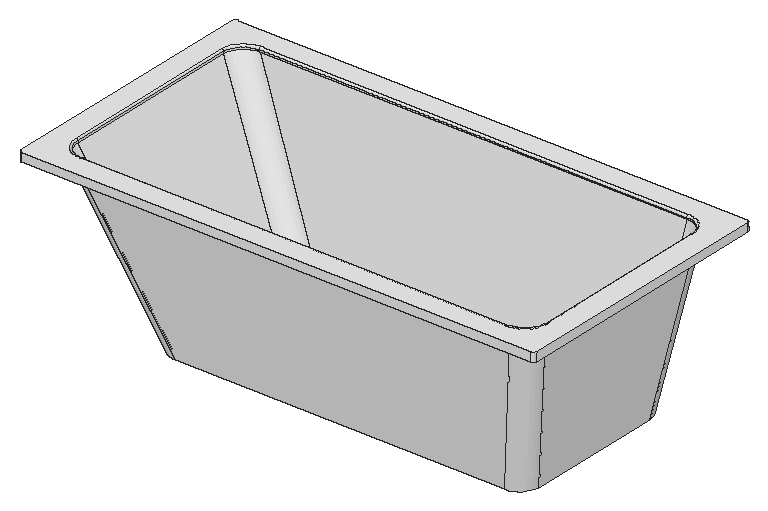
Revit family "Reece_Bath_Posh_Domaine_Inset Bath", category Plumbing Fixtures, host Face, Revit 2018
Family settings
  Host = Face
  Round Connector Dimension = Use Diameter
  Part Type = Normal
  Cut with Voids When Loaded = Yes
  Shared = Yes
  Room Calculation Point = Yes
Parameters (values of type "1525 mm_251 ltr_White")
  URL = "https://www.reece.com.au/product/-9508058"
  Type Comments = "Bath"
  Reece_Product_Web Page = "https://www.reece.com.au/product/-9508058"
  Reece_Product_Type = "Bath"  # constant formula
  Reece_Product_Sub Brand = "Domaine"  # constant formula
  Reece_Product_Number = "9508058"
  Reece_Product_Mount = "Inset"
  Reece_Product_Description = "Posh Domaine Inset Bath 1525 x 800 x 500mm White"
  Reece_Product_Brand = "Posh"  # constant formula
  Reece_Overall_Width = 800 mm  # constant formula
  Reece_Overall_Length = 1525 mm
  Reece_Overall_Height = 500 mm  # constant formula
  Reece_Overall_Capacity = 251.0 L
  Reece_Material_Secondary = Reece_Brass_Chrome
  Reece_Material_Main = Reece_Acrylic_White
  Reece_Detail_Material = "Sanitary Grade Acrylic"  # constant formula
  Reece_Detail_Installation = "Inset Bath"  # constant formula
  Reece_Detail_Disclaimer = "THIS FILE IS THE PROPERTY OF THE REECE GROUP. IT MAY NOT BE REPRODUCED, REVERSE-ENGINEERED OR MODIFIED. ANY REPUBLICATION, TRANSMISSION OR DISTRIBUTION FOR THE PURPOSE OF COMMERCIALLY EXPLOITING THE FILES IS PROHIBITED."  # constant formula
  Reece_Detail_Connector = "Bottom Inlet"  # constant formula
  Reece_Bath_Type = Reece_Bath_Posh_Domaine_Inset Bath_1525 mm_251 ltr_White_Nested : 1525 mm_251 ltr_White
  Reece_Bath_Outlet 1 = 250 mm  # constant formula
  Reece_Bath_Outlet = 40 mm  # constant formula
  Reece_Bath_Lip = 25 mm  # constant formula
  Reece_Bath_Host Plane_Ref_Top [instance] = Reece_Overall_Height - Reece_Bath_Host Plane_Ref_Bottom - Reece_Bath_Lip  # 475 mm
  Reece_Bath_Host Plane_Ref_Bottom [instance] = if(Reece_Bath_Face Flush, Reece_Overall_Height - Reece_Bath_Lip, 0 mm)  # 0 mm
  Reece_Bath_Face Flush [instance] = no
  Model = "Domaine"
  Manufacturer = "Posh"
  Keynote = "Product #9508058, Reece_Bath_Posh_Domaine_Inset Bath - 1525 mm_251 ltr_White"
  Disclaimer = "THIS FILE IS THE PROPERTY OF THE REECE GROUP. IT MAY NOT BE REPRODUCED, REVERSE-ENGINEERED OR MODIFIED. ANY REPUBLICATION, TRANSMISSION OR DISTRIBUTION FOR THE PURPOSE OF COMMERCIALLY EXPLOITING THE FILES IS PROHIBITED."  # constant formula
  Description = "Posh Domaine Inset Bath 1525 x 800 x 500mm White"
  Default Elevation = 0 mm
Types (4, lengths in mm): name | URL | Reece_Product_Web Page | Reece_Product_Number | Reece_Product_Description | Reece_Overall_Length | Reece_Overall_Capacity | Reece_Bath_Type | Keynote | Description
  (no name) | "https://www.reece.com.au/product/-9508057" | "https://www.reece.com.au/product/-9508057" | "9508057" | "Posh Domaine Inset Bath 1690 x 800 x 500mm White" | 1690 | 285.0 L | Reece_Bath_Posh_Domaine_Inset Bath_1690 mm_285 ltr_White_Nested : 1690 mm_285 ltr_White | "Product #9508057, Reece_Bath_Posh_Domaine_Inset Bath -  " | "Posh Domaine Inset Bath 1690 x 800 x 500mm White"
  1525 mm_251 ltr_White | "https://www.reece.com.au/product/-9508058" | "https://www.reece.com.au/product/-9508058" | "9508058" | "Posh Domaine Inset Bath 1525 x 800 x 500mm White" | 1525 | 251.0 L | Reece_Bath_Posh_Domaine_Inset Bath_1525 mm_251 ltr_White_Nested : 1525 mm_251 ltr_White | "Product #9508058, Reece_Bath_Posh_Domaine_Inset Bath - 1525 mm_251 ltr_White" | "Posh Domaine Inset Bath 1525 x 800 x 500mm White"
  1420 mm_220 ltr_White | "https://www.reece.com.au/product/-9508059" | "https://www.reece.com.au/product/-9508059" | "9508059" | "Posh Domaine Inset Bath 1420 x 800 x 500mm White" | 1420 | 220.0 L | Reece_Bath_Posh_Domaine_Inset Bath_1420 mm_220 ltr_White_Nested : 1420 mm_220 ltr_White | "Product #9508059, Reece_Bath_Posh_Domaine_Inset Bath - 1420 mm_220 ltr_White" | "Posh Domaine Inset Bath 1420 x 800 x 500mm White"
  1690 mm_285 ltr_White | "https://www.reece.com.au/product/-9508057" | "https://www.reece.com.au/product/-9508057" | "9508057" | "Posh Domaine Inset Bath 1690 x 800 x 500mm White" | 1690 | 285.0 L | Reece_Bath_Posh_Domaine_Inset Bath_1690 mm_285 ltr_White_Nested : 1690 mm_285 ltr_White | "Product #9508057, Reece_Bath_Posh_Domaine_Inset Bath - 1690 mm_285 ltr_White" | "Posh Domaine Inset Bath 1690 x 800 x 500mm White"
Reference planes
  plane 1 "Center (Front/Back)": y = 0
  plane 2 "Bottom Host Plane": z = 0
  plane 3 "Center (Left/Right)": x = 0
  plane 4: x = -845
  plane 5: y = 400
  plane 6: y = -400
  plane 7: x = 845
  plane 8 "Top Host Plane": z = 475
  plane 9: z = 500
  plane 10 "Waste Outlet Point 1": x = 595
Forms (mm)
  Extrusion 1, void
    sketch origin (0, 0, 0) x (1, 0, 0) y (0, 1, 0)
      loop
        line (-795, 350) -> (-795, -350) -> (795, -350) -> (795, 350) -> (-795, 350)
    from 0 to 475
Text (mm)
  text "Reece ©" at (2620.326, -2093.833, 3302.654), in view "Reece Preview"
  text "Reece Copyright © 2018, Reece Ltd." at (-804.36, -498.864, 0), in view "Ref. Level"
Dimensions and locks
  "Reece_Bath_Host Plane_Ref_Top": level to plane 8 "Top Host Plane"
  plane 4 to plane 7 = 1690 mm
  "Reece_Overall_Width": plane 5 to plane 6
  equal spacing: plane 6, plane 1 "Center (Front/Back)", plane 5
  equal spacing: plane 4, plane 3 "Center (Left/Right)", plane 7
  "Reece_Bath_Lip": plane 8 "Top Host Plane" to plane 9
  "Reece_Bath_Host Plane_Ref_Bottom": plane 2 "Bottom Host Plane" to level
  plane 9 to plane 2 "Bottom Host Plane" = 500 mm
  "Reece_Bath_Outlet 1": plane 10 "Waste Outlet Point 1" to plane 7
  aligned and locked: connector elem to plane 10 "Waste Outlet Point 1"
Automatic sketch dimensions
  plane 4 to Extrusion 1 sketch curve = 50 mm
  plane 7 to Extrusion 1 sketch curve = 50 mm
  Extrusion 1 sketch curve to plane 6 = 50 mm
  Extrusion 1 sketch curve to plane 5 = 50 mm
Nested families
  nested 1: "Reece_Bath_Posh_Domaine_Inset Bath_1525 mm_251 ltr_White_Nested" at (0, 0, 0), type <- "Reece_Bath_Type", type "1525 mm_251 ltr_White"
    with Reece_Material_Secondary Reece_Brass_Chrome, Reece_Material_Main Reece_Acrylic_White
Connectors
  piping at (595, 0, 0), diameter 40, driven by "Reece_Bath_Outlet"
    settings: on plane 2 "Bottom Host Plane", index 1, connector inside diameter 609.6 mm, connector length 0 mm, flow factor 0, pipe flow 0.0 L/s, pressure drop 0.0 Pa, fitting loss kfactor 0, connector angle 0.00°, fixture units 0, engagement length 0 mm, angle of deflection 0.00°, flow configuration 0, flow direction 2, fitting loss method 0, system type 16, joint type 0, gender type 0, connector reference index -1, connector utility 0, adjustable connector no, is connector primary yes, connector description ""
Definition of nested family "Reece_Bath_Posh_Domaine_Inset Bath_1525 mm_251 ltr_White_Nested"
  Parameters (values of type "1525 mm_251 ltr_White")
    Reece_Product_Web Page = "https://www.reece.com.au/product/-9508058"
    Reece_Product_Type = "Bath"  # constant formula
    Reece_Product_Sub Brand = "Domaine"  # constant formula
    Reece_Product_Number = "9508058"
    Reece_Product_Description = "Posh Domaine Inset Bath 1525 x 800 x 500mm White"  # constant formula
    Reece_Product_Brand = "Posh"  # constant formula
    Reece_Overall_Width = 800 mm
    Reece_Overall_Length = 1525 mm
    Reece_Overall_Height = 500 mm
    Reece_Material_Secondary [instance] = none
    Reece_Material_Main [instance] = none
    Reece_Detail_Shape = ""
    Reece_Detail_Installation = ""
    Reece_Detail_Connector = ""
    Reece_Detail_Additional = ""
    Reece_Bath_Outlet = 40 mm
    Reece_Bath_Lip = 70 mm
    Default Elevation = 0 mm
    Corner_Radius 2 = 60 mm
    Corner Radius = 55 mm
  Reference planes
    plane 1 "Center (Front/Back)": y = 0
    plane 2 "Waste": z = 0
    plane 3 "Center (Left/Right)": x = 0
    plane 4: x = 512.5
    plane 5: x = -762.5
    plane 6: x = 762.5
    plane 7: y = 400
    plane 8: y = -400
    plane 9 "Top of Lip": z = 500
    plane 10 "Lip": z = 475
    plane 11 "Bottom Host Plane": z = 10
  Forms (mm)
    Sweep 1, solid, material <- "Reece_Material_Main"
      path origin (0, 79.125, 475) x (1, 0, 0) y (0, 1, 0)
        loop
          arc (-632.5, 250.875) -> (-674.926, 233.302) -> (-692.5, 190.875) r 60
          line (-692.5, 190.875) -> (-692.5, -349.125)
          arc (-692.5, -349.125) -> (-674.926, -391.551) -> (-632.5, -409.125) r 60
          line (-632.5, -409.125) -> (632.5, -409.125)
          arc (632.5, -409.125) -> (674.926, -391.551) -> (692.5, -349.125) r 60
          line (692.5, -349.125) -> (692.5, 190.875)
          arc (692.5, 190.875) -> (674.926, 233.302) -> (632.5, 250.875) r 60
          line (632.5, 250.875) -> (-632.5, 250.875)
      profile origin (0, 330, 475) x (0, 1, 0) y (0, 0, 1)
        loop
          line (52.943, 25) -> (5, 25)
          arc (5, 25) -> (1.464, 23.536) -> (0, 20) r 5
          line (0, 20) -> (0, 0) -> (52.943, 0) -> (52.943, 25)
    SweptBlend 2, void
      path origin (0, 0, 0) x (1, 0, 0) y (0, 0, 1)
        loop
          line (0, 490) -> (0, 20)
      profile origin (0, 0, 490) x (0, -1, 0) y (1, 0, 0)
        loop
          arc (-330, -632.5) -> (-312.426, -674.926) -> (-270, -692.5) r 60
          line (-270, -692.5) -> (270, -692.5)
          arc (270, -692.5) -> (312.426, -674.926) -> (330, -632.5) r 60
          line (330, -632.5) -> (330, 632.5)
          arc (330, 632.5) -> (312.426, 674.926) -> (270, 692.5) r 60
          line (270, 692.5) -> (-270, 692.5)
          arc (-270, 692.5) -> (-312.426, 674.926) -> (-330, 632.5) r 60
          line (-330, 632.5) -> (-330, -632.5)
      end profile origin (0, 0, 20) x (0, -1, 0) y (1, 0, 0)
        loop
          arc (-250, -402.5) -> (-233.891, -441.391) -> (-195, -457.5) r 55
          line (-195, -457.5) -> (195, -457.5)
          arc (195, -457.5) -> (233.891, -441.391) -> (250, -402.5) r 55
          line (250, -402.5) -> (250, 557.5)
          arc (250, 557.5) -> (233.891, 596.391) -> (195, 612.5) r 55
          line (195, 612.5) -> (-195, 612.5)
          arc (-195, 612.5) -> (-233.891, 596.391) -> (-250, 557.5) r 55
          line (-250, 557.5) -> (-250, -402.5)
    Extrusion 3, solid, material <- "Reece_Material_Main"
      sketch origin (0, 79.125, 475) x (1, 0, 0) y (0, 1, 0)
        loop
          line (-762.5, 310.875) -> (-762.5, -469.125)
          arc (-762.5, -469.125) -> (-759.571, -476.196) -> (-752.5, -479.125) r 10
          line (-752.5, -479.125) -> (752.5, -479.125)
          arc (752.5, -479.125) -> (759.571, -476.196) -> (762.5, -469.125) r 10
          line (762.5, -469.125) -> (762.5, 310.875)
          arc (762.5, 310.875) -> (759.571, 317.946) -> (752.5, 320.875) r 10
          line (752.5, 320.875) -> (-752.5, 320.875)
          arc (-752.5, 320.875) -> (-759.571, 317.946) -> (-762.5, 310.875) r 10
        loop
          arc (-632.5, 303.819) -> (-712.363, 270.738) -> (-745.443, 190.875) r 112.943
          line (-745.443, 190.875) -> (-745.443, -349.125)
          arc (-745.443, -349.125) -> (-712.363, -428.988) -> (-632.5, -462.068) r 112.943
          line (-632.5, -462.068) -> (632.5, -462.068)
          arc (632.5, -462.068) -> (712.363, -428.988) -> (745.443, -349.125) r 112.943
          line (745.443, -349.125) -> (745.443, 190.875)
          arc (745.443, 190.875) -> (712.363, 270.738) -> (632.5, 303.819) r 112.943
          line (632.5, 303.819) -> (-632.5, 303.819)
      from 0 to 25
    Revolve 4, void
      sketch origin (0, 0, 484.957) x (1, 0, 0) y (0, 0, 1)
        loop
          line (489.076, -471.236) -> (489.076, -484.608) -> (512.5, -484.608) -> (512.5, -454.608) -> (472.123, -454.608) -> (472.123, -464.957) -> (480.727, -464.957)
          arc (480.727, -464.957) -> (482.64, -465.338) -> (484.263, -466.422) r 5
          line (484.263, -466.422) -> (489.076, -471.236)
        axis (512.5, -454.608) -> (512.5, -484.608)
      angle from 0 to 360
    Revolve 5, solid, material <- "Reece_Material_Main"
      sketch origin (0, 0, 478.75) x (1, 0, 0) y (0, 0, 1)
        loop
          line (492.5, -478.75) -> (492.5, -464.986) -> (489.076, -464.986) -> (489.076, -478.75) -> (492.5, -478.75)
        axis (512.5, -464.986) -> (512.5, -478.75)
      angle from 0 to 360
    SweptBlend 6, solid, material <- "Reece_Material_Main"
      path origin (0, 0, -10) x (1, 0, 0) y (0, 0, 1)
        loop
          line (0, 500) -> (0, 20)
      profile origin (0, 0, 490) x (0, -1, 0) y (1, 0, 0)
        loop
          arc (-340.1, -643.7) -> (-322.526, -686.126) -> (-280.1, -703.7) r 60
          line (-280.1, -703.7) -> (280.1, -703.7)
          arc (280.1, -703.7) -> (322.526, -686.126) -> (340.1, -643.7) r 60
          line (340.1, -643.7) -> (340.1, 642.6)
          arc (340.1, 642.6) -> (322.526, 685.026) -> (280.1, 702.6) r 60
          line (280.1, 702.6) -> (-280.1, 702.6)
          arc (-280.1, 702.6) -> (-322.526, 685.026) -> (-340.1, 642.6) r 60
          line (-340.1, 642.6) -> (-340.1, -643.7)
      end profile origin (0, 0, 10) x (0, -1, 0) y (1, 0, 0)
        loop
          arc (-260.1, -408.7) -> (-243.991, -447.591) -> (-205.1, -463.7) r 55
          line (-205.1, -463.7) -> (205.1, -463.7)
          arc (205.1, -463.7) -> (243.991, -447.591) -> (260.1, -408.7) r 55
          line (260.1, -408.7) -> (260.1, 565.9)
          arc (260.1, 565.9) -> (243.991, 604.791) -> (205.1, 620.9) r 55
          line (205.1, 620.9) -> (-205.1, 620.9)
          arc (-205.1, 620.9) -> (-243.991, 604.791) -> (-260.1, 565.9) r 55
          line (-260.1, 565.9) -> (-260.1, -408.7)
    Revolve 7, solid, material <- "Reece_Material_Secondary"
      sketch origin (0, 0, 478.75) x (1, 0, 0) y (0, 0, 1)
        loop
          line (494.311, -457.361) -> (494.311, -459.869) -> (512.5, -459.869) -> (512.5, -453.408)
          arc (512.5, -453.408) -> (502.489, -453.646) -> (492.5, -454.361) r 210.452
          line (492.5, -454.361) -> (492.5, -457.361) -> (494.311, -457.361)
        loop
          line (492.5, -464.986) -> (492.5, -458.751) -> (483.467, -458.751) -> (489.701, -464.986) -> (492.5, -464.986)
        axis (512.5, -453.408) -> (512.5, -464.986)
      angle from 0 to 360
  Cuts and joins
    Revolve 4 cuts Sweep 1
    Revolve 4 cuts Extrusion 3
    SweptBlend 2, Revolve 4 cuts SweptBlend 6
    joined: Sweep 1, Extrusion 3, Revolve 5, SweptBlend 6
  Text (mm)
    text "Reece ©" at (2999.859, -2708.816, 2308.137), in view "Reece Preview"
    text "Reece ©" at (545.812, -497.751, -1020.679), in view "Ref. Level"
  Dimensions and locks
    equal spacing: plane 8, plane 1 "Center (Front/Back)", plane 7
    "Reece_Overall_Width": plane 8 to plane 7
    "Reece_Overall_Height": plane 9 "Top of Lip" to plane 2 "Waste"
    plane 9 "Top of Lip" to plane 10 "Lip" = 25 mm
    equal spacing: plane 5, plane 3 "Center (Left/Right)", plane 6
    "Reece_Overall_Length": plane 5 to plane 6
    plane 10 "Lip" to plane 11 "Bottom Host Plane" = 465 mm
    plane 4 to plane 6 = 250 mm
    plane 11 "Bottom Host Plane" to plane 10 "Lip" to plane 9 "Top of Lip" = 465 mm, 25 mm
    "Reece_Overall_Length": plane 5 to cut or joined group of Sweep 1, SweptBlend 2, Extrusion 3, Revolve 4, Revolve 5, SweptBlend 6
    "Reece_Overall_Width": plane 8 to cut or joined group of Sweep 1, SweptBlend 2, Extrusion 3, Revolve 4, Revolve 5, SweptBlend 6
    "Corner Radius": radius of SweptBlend 2 sketch curve  (x4)
    "Corner_Radius 2": radius of Sweep 1 sketch curve  (x4)
    "Corner_Radius 2": radius of SweptBlend 2 sketch curve  (x4)
    "Corner Radius": radius of SweptBlend 6 sketch curve  (x4)
    "Corner_Radius 2": radius of SweptBlend 6 sketch curve  (x4)
    aligned and locked: Revolve 4 sketch curve to Revolve 4 sketch curve
  Automatic sketch dimensions
    Extrusion 3 sketch curve to plane 5 = 0 mm
    Extrusion 3 sketch curve to plane 6 = 0 mm
    Extrusion 3 sketch curve to plane 5 = 10 mm  (x2)
    plane 6 to Extrusion 3 sketch curve = 10 mm  (x2)
    Extrusion 3 sketch curve to plane 8 = 10 mm
    plane 7 to Extrusion 3 sketch curve = 10 mm
    level to Revolve 4 sketch curve = 20 mm
    plane 4 to Revolve 4 sketch curve = 0 mm
    level to Revolve 4 sketch curve = 13.722 mm
    plane 4 to Revolve 4 sketch curve = 23.424 mm
    level to Revolve 4 sketch curve = 18.536 mm
    Revolve 4 sketch curve to Revolve 4 sketch curve = 4.814 mm
    level to Revolve 4 sketch curve = 15 mm
    Revolve 4 sketch curve to plane 11 "Bottom Host Plane" = 20.349 mm
    Revolve 4 sketch curve to Revolve 4 sketch curve = 8.604 mm
    Revolve 4 sketch curve to Revolve 4 sketch curve = 13.373 mm
    Revolve 4 sketch curve to Revolve 4 sketch curve = 19.473 mm
    Revolve 4 sketch curve to Revolve 4 sketch curve = 15.527 mm
    Revolve 5 sketch curve to level = 0 mm
    plane 4 to Revolve 5 sketch curve = 0 mm
    plane 4 to Revolve 5 sketch curve = 20 mm
    Revolve 5 sketch curve to Revolve 5 sketch curve = 3.424 mm
    Revolve 5 sketch curve to plane 11 "Bottom Host Plane" = 3.764 mm
    Revolve 5 sketch curve to level = 143.522 mm
    Revolve 5 sketch curve to Revolve 5 sketch curve = 92.666 mm
    SweptBlend 2 sketch curve to plane 3 "Center (Left/Right)" = 0 mm
    SweptBlend 2 sketch curve to plane 11 "Bottom Host Plane" = 10 mm
    plane 9 "Top of Lip" to SweptBlend 2 sketch curve = 10 mm
    SweptBlend 6 sketch curve to plane 3 "Center (Left/Right)" = 0 mm
    SweptBlend 6 sketch curve to plane 11 "Bottom Host Plane" = 0 mm
    plane 4 to Revolve 7 sketch curve = 0 mm  (x2)
    plane 4 to Revolve 7 sketch curve = 18.189 mm
    Revolve 7 sketch curve to Revolve 7 sketch curve = 1.811 mm
    Revolve 7 sketch curve to Revolve 7 sketch curve = 0 mm
    Revolve 7 sketch curve to plane 11 "Bottom Host Plane" = 3.764 mm
    Revolve 7 sketch curve to Revolve 7 sketch curve = 2.799 mm
    Revolve 7 sketch curve to Revolve 7 sketch curve = 6.235 mm  (x2)
    Revolve 7 sketch curve to level = 185.111 mm
    Revolve 7 sketch curve to plane 11 "Bottom Host Plane" = 8.881 mm
    Revolve 7 sketch curve to Revolve 7 sketch curve = 1.39 mm
    Revolve 7 sketch curve to Revolve 7 sketch curve = 3 mm
    Revolve 7 sketch curve to Revolve 7 sketch curve = 41.589 mm
    Revolve 7 sketch curve to Revolve 7 sketch curve = 81.089 mm
    plane 9 "Top of Lip" to SweptBlend 6 sketch curve = 10 mm
    Sweep 1 sketch curve to profile plane = 0 mm  (x2)
    Sweep 1 sketch curve to Sweep 1 sketch curve = 5 mm
    Sweep 1 sketch curve to Sweep 1 sketch curve = 47.943 mm
    profile plane to Sweep 1 sketch curve = 20 mm
    Extrusion 3 sketch curve to plane 5 = 17.057 mm
    Extrusion 3 sketch curve to plane 8 = 17.057 mm
    Extrusion 3 sketch curve to Extrusion 3 sketch curve = 120 mm
    Extrusion 3 sketch curve to Extrusion 3 sketch curve = 112.943 mm
    plane 7 to Extrusion 3 sketch curve = 17.057 mm
    Extrusion 3 sketch curve to plane 4 = 120 mm  (x2)
    plane 6 to Extrusion 3 sketch curve = 17.057 mm
    Sweep 1 sketch curve to plane 5 = 70 mm
    Sweep 1 sketch curve to plane 4 = 120 mm
    Sweep 1 sketch curve to plane 8 = 70 mm
    plane 7 to Sweep 1 sketch curve = 130 mm
    SweptBlend 2 sketch curve to profile plane = 250 mm
    profile plane to SweptBlend 2 sketch curve = 195 mm
    profile plane to SweptBlend 2 sketch curve = 457.5 mm
    SweptBlend 2 sketch curve to profile plane = 557.5 mm
    SweptBlend 2 sketch curve to profile plane = 330 mm
    profile plane to SweptBlend 2 sketch curve = 270 mm
    profile plane to SweptBlend 2 sketch curve = 692.5 mm
    SweptBlend 2 sketch curve to profile plane = 632.5 mm
    SweptBlend 6 sketch curve to profile plane = 260.1 mm
    profile plane to SweptBlend 6 sketch curve = 205.1 mm
    profile plane to SweptBlend 6 sketch curve = 463.7 mm
    SweptBlend 6 sketch curve to profile plane = 565.9 mm
    SweptBlend 6 sketch curve to profile plane = 340.1 mm
    profile plane to SweptBlend 6 sketch curve = 280.1 mm
    profile plane to SweptBlend 6 sketch curve = 703.7 mm
    SweptBlend 6 sketch curve to profile plane = 642.6 mm
